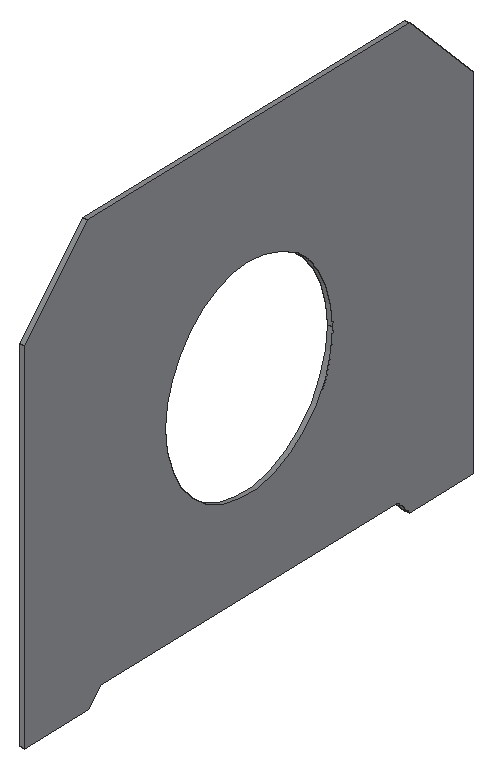
Revit family "X-Connection-Bracket-Steel & Tube-Speed Channel_Temp_88c2eb00-4c01-4388-b0c8-089081c67760", category Structural Connections, host Face, Revit 2016
Family settings
  Host = Face
  Material for Model Behavior = Steel
  OmniClass Number = 23.25.05.17.11
  OmniClass Title = Column Bases
  Enable cutting in views = Yes
  Cut with Voids When Loaded = No
  Shared = Yes
Parameters (values of type "Standard")
  Width_ANZRS [instance] = if(Fastbrace, 84 mm, 65 mm)  # 84 mm
  WeightNet_ANZRS [instance] = if(Fastbrace, if(Beam Size = 152 mm, 0.163 kg, if(Beam Size = 203 mm, 0.221 kg, if(Beam Size = 250 mm, 0.279 kg, if(Beam Size = 300 mm, 0.337 kg, 0.00 kg)))), if(Beam Size = 152 mm, 0.186 kg, if(Beam Size = 203 mm, 0.244 kg, if(Beam Size = 250 mm, 0.305 kg, if(Beam Size = 300 mm, 0.362 kg, if(Beam Size = 350 mm, 0.417 kg, 0.476 kg))))))  # 0.163 kg
  Uniclass2015Version = "2015"  # constant formula
  Uniclass2015Title = "Cold-formed galvanized steel sections"  # constant formula
  Uniclass2015Code = "Pr_20_76_51_21"  # constant formula
  URL = "http://www.steelandtube.co.nz"
  Type Comments = "HST Steel Purlin Standard Cleat"  # constant formula
  Speedbrace End Identification [instance] = if(and(Adjustable, Fastbrace), "Type B", if(and(Adjustable, Standard), "Type C", if(and(not(Adjustable), Fastbrace), "Type A", "Type D")))  # "Type A"
  SpecificationReference = "3411ST"  # constant formula
  SpecificationDescription = "Steel & Tube Purlins & Girts"  # constant formula
  PlateThickness_ANZRS = 1 mm  # constant formula
  ModifiedIssue_ANZRS = 20160602.01  # constant formula
  Model = ""
  Material_ANZRS [instance] = Metal-Steel-450MPa
  Material Standard = "Steel & Tube’s HST purlins and Girts profiles are manufactured from materials conforming to AS1397:2011"  # constant formula
  ManufacturerURL = "http://www.steelandtube.co.nz"
  ManufacturerName = Manufacturer  # "Steel & Tube"
  Manufacturer = "Steel & Tube"  # constant formula
  Length_ANZRS [instance] = 10 mm  # constant formula
  Standard [instance] = not(Fastbrace)  # no
  Height_ANZRS [instance] = if(Fastbrace, if(Beam Size = 152 mm, 107 mm, if(Beam Size = 203 mm, 147 mm, if(Beam Size = 250 mm, 187 mm, if(Beam Size = 300 mm, 225 mm, 400 mm)))), if(Beam Size = 152 mm, 124 mm, if(Beam Size = 203 mm, 165 mm, if(Beam Size = 250 mm, 208 mm, if(Beam Size = 300 mm, 245 mm, if(Beam Size = 350 mm, 284 mm, 328 mm))))))  # 107 mm
  Fixed Offset [instance] = if(Adjustable, 100 mm, 0 mm)  # 0 mm
  Fixed Cut [instance] = if(Adjustable, 5 mm, 20 mm)  # 20 mm
  Fastbrace [instance] = yes
  Disclaimer [instance] = "Steel & Tube makes no representations or warranties about the information in this document, including (but not limited to) whether the information, and any materials referred to, are fit for purpose. The user is responsible for ensuring that the information, and any materials referred to, are fit for the purpose for which they are intended to be used. Except as required by law, Steel & Tube is not liable for any cost, loss, claim or expense incurred by any person as a result of any person using or relying on the information in this document."  # constant formula
  Design Standard = "Steel & Tube’s HST purlins and Girts profiles are designed in accordance with AS/NZS 4600:2005."  # constant formula
  Design Instruction = "All the design information should be cross referenced with the current Steel & Tube Purlins and Girts design guide, and AS/NZS 4600:2005"  # constant formula
  Description = "HST Steel Purlins and Girts are high strength lipped profile sections, providing an economic solution for your building project."  # constant formula
  Default Elevation = 0 mm
  CreatedBy_ANZRS = "Design Content"  # constant formula
  CreatedByURL_ANZRS = "http://www.designcontent.com.au"
  CBIDescription = "Structural steelwork"  # constant formula
  CBICode = "3411"  # constant formula
  Beam Size [instance] = 152 mm
  Assembly Code = "B1020230"
  Adjustable Offset [instance] = if(Adjustable, 0 mm, 100 mm)  # 100 mm
  Adjustable Cut [instance] = if(Adjustable, 20 mm, 5 mm)  # 5 mm
  Adjustable [instance] = no
Reference planes
  plane 1 "Center (Front/Back)": y = 0
  plane 2: z = 0
  plane 3 "Center (Left/Right)": x = 0
  plane 4 "Back": y = 53.5
  plane 5 "Front": y = -53.5
  plane 6 "Left": x = -5
  plane 7 "Right": x = 5
  plane 8 "Top": z = 84
  plane 9: x = -4
  plane 10: y = 35
  plane 11: y = -35
  plane 12: z = 40
  plane 13: z = 60
  plane 14: z = 20
  plane 15 "Adjustable Hook": x = -105
  plane 16 "Fixed": x = -5
Forms (mm)
  Extrusion 1, solid, material "Metal-Steel-450MPa" <- "Material_ANZRS", detail levels medium
    sketch origin (0, 0, 0) x (0, 1, 0) y (0, 0, 1)
      loop
        line (53.5, 0) -> (53.5, 69) -> (38.5, 84) -> (-38.5, 84) -> (-53.5, 69) -> (-53.5, 0) -> (-38.5, 0) -> (-35.5, 3) -> (35.5, 3) -> (38.5, 0) -> (53.5, 0)
    from -5 to -4
  Extrusion 2, solid, material "Metal-Steel-450MPa" <- "Material_ANZRS", detail levels fine
    sketch origin (0, 0, 0) x (0, 1, 0) y (0, 0, 1)
      loop
        line (53.5, 0) -> (53.5, 69) -> (38.5, 84) -> (-38.5, 84) -> (-53.5, 69) -> (-53.5, 0) -> (-38.5, 0) -> (-35.5, 3) -> (35.5, 3) -> (38.5, 0) -> (53.5, 0)
    from -5 to -4
  Extrusion 3, void
    sketch origin (-5, 1524, 1219.2) x (0, 1, 0) y (0, 0, 1)
      loop
        circle (-1524, -1179.2) r 20
    from 0 to 20 <- "Fixed Cut"
  Extrusion 4, void
    sketch origin (-105, 1524, 1219.2) x (0, 1, 0) y (0, 0, 1)
      loop
        line (-1483, -1193.2) -> (-1483, -1165.2)
        arc (-1483, -1165.2) -> (-1489, -1159.2) -> (-1495, -1165.2) r 6
        line (-1495, -1165.2) -> (-1495, -1193.2)
        arc (-1495, -1193.2) -> (-1489, -1199.2) -> (-1483, -1193.2) r 6
      loop
        arc (-1565, -1193.2) -> (-1559, -1199.2) -> (-1553, -1193.2) r 6
        line (-1553, -1193.2) -> (-1553, -1165.2)
        arc (-1553, -1165.2) -> (-1559, -1159.2) -> (-1565, -1165.2) r 6
        line (-1565, -1165.2) -> (-1565, -1193.2)
    from 0 to 5 <- "Adjustable Cut"
Cuts and joins
  Extrusion 3, Extrusion 4 cuts Extrusion 2
Dimensions and locks
  equal spacing: plane 5 "Front", plane 1 "Center (Front/Back)", plane 4 "Back"
  "Height_ANZRS": plane 5 "Front" to plane 4 "Back"
  equal spacing: plane 6 "Left", plane 3 "Center (Left/Right)", plane 7 "Right"
  "Length_ANZRS": plane 6 "Left" to plane 7 "Right"
  "Width_ANZRS": plane 8 "Top" to plane 2
  locked: plane 6 "Left" to plane 9 at 1
  plane 11 to plane 1 "Center (Front/Back)" to plane 10 = 35 mm locked, 35 mm locked
  equal spacing: plane 13, plane 12, plane 14
  locked: plane 13 to plane 14 at 40
  locked: plane 12 to plane 2 at 40
  plane 4 "Back" to Extrusion 1 sketch curve to Extrusion 1 sketch curve = 15 mm locked, 3 mm locked
  Extrusion 1 sketch curve to Extrusion 1 sketch curve to plane 5 "Front" = 3 mm locked, 15 mm locked
  locked: plane 8 "Top" to Extrusion 1 sketch curve at 15  (x2)
  locked: plane 4 "Back" to Extrusion 1 sketch curve at 15
  locked: Extrusion 1 sketch curve to plane 5 "Front" at 15
  locked: Extrusion 1 sketch curve to plane 2 at 3
  plane 4 "Back" to Extrusion 2 sketch curve to Extrusion 2 sketch curve = 15 mm locked, 3 mm locked
  Extrusion 2 sketch curve to Extrusion 2 sketch curve to plane 5 "Front" = 3 mm locked, 15 mm locked
  locked: Extrusion 2 sketch curve to plane 2 at 3
  locked: plane 4 "Back" to Extrusion 2 sketch curve at 15
  locked: Extrusion 2 sketch curve to plane 5 "Front" at 15
  locked: plane 8 "Top" to Extrusion 2 sketch curve at 15  (x2)
  locked: plane 13 to Extrusion 3 sketch curve at 0
  locked: plane 14 to Extrusion 3 sketch curve at 0
  Extrusion 4 sketch curve to plane 10 to Extrusion 4 sketch curve = 6 mm locked, 6 mm locked
  Extrusion 4 sketch curve to plane 11 to Extrusion 4 sketch curve = 6 mm locked, 6 mm locked
  plane 13 to Extrusion 4 sketch curve to Extrusion 4 sketch curve = 0 mm locked, 0 mm locked
  plane 14 to Extrusion 4 sketch curve to Extrusion 4 sketch curve = 0 mm locked, 0 mm locked
  "Fixed Offset": plane 6 "Left" to plane 16 "Fixed"
  "Adjustable Offset": plane 6 "Left" to plane 15 "Adjustable Hook"
  aligned and locked: plane 2 to host face
  aligned and locked: level to host face
  aligned and locked: plane 4 "Back" to Extrusion 1 sketch curve
  aligned and locked: Extrusion 1 sketch curve to plane 8 "Top"
  aligned and locked: Extrusion 1 sketch curve to plane 5 "Front"
  aligned and locked: plane 2 to Extrusion 1 sketch curve  (x2)
  aligned and locked: Extrusion 1 to plane 6 "Left"
  aligned and locked: plane 9 to Extrusion 1
  aligned and locked: plane 4 "Back" to Extrusion 2 sketch curve
  aligned and locked: Extrusion 2 sketch curve to plane 8 "Top"
  aligned and locked: Extrusion 2 sketch curve to plane 5 "Front"
  aligned and locked: plane 2 to Extrusion 2 sketch curve  (x2)
  aligned and locked: Extrusion 2 to plane 6 "Left"
  aligned and locked: plane 9 to Extrusion 2
  aligned and locked: plane 1 "Center (Front/Back)" to Extrusion 3 sketch curve
  aligned and locked: plane 10 to Extrusion 4 sketch curve  (x2)
  aligned and locked: plane 11 to Extrusion 4 sketch curve  (x2)
  aligned and locked: Extrusion 3 to plane 16 "Fixed"
  aligned and locked: Extrusion 4 to plane 15 "Adjustable Hook"
Automatic sketch dimensions
  host sketch curve to host sketch curve = 2438.4 mm  (x2)
